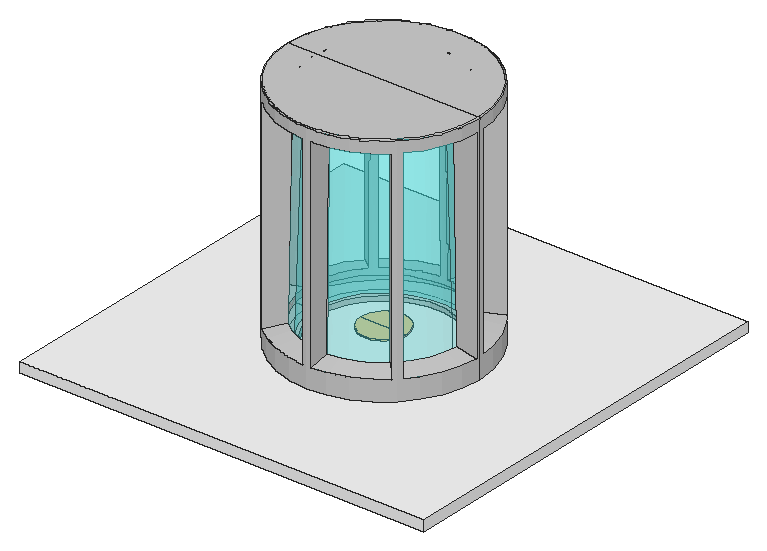
Revit family "BE_84683_de_DE", category Leuchten, Revit 2015
Parameters (values of type "BEGA_84683_Silber_K4")
  built-in parameter 1150104 = 10.208 (stored number, unit not read)
  Wattage = 24.3 W
  Default Elevation = 0 mm
  built-in parameter 1150113 = 1 (stored number, unit not read)
  built-in parameter 1114218 = 1 (stored number, unit not read)
  Umgebungstemperatur = ""
  URL = "http://www.bega.de/produkt/84683"
  Typenkommentare = "© 2016 BEGA. Wir behalten uns das Recht vor, technische Änderungen ohne vorherige Ankündigung vorzunehmen."  # constant formula
  Type Image = 84683.png
  built-in parameter 1150134 = 12
  built-in parameter 1150109 = 1 (stored number, unit not read)
  Strom = ""
  built-in parameter 1150110 = 1 (stored number, unit not read)
  Spannung = 239.996 V
  Sonderanfertigung = no
  Seriennummer [instance] = "Hier können Sie die eindeutige Seriennummer für das Facility Management eintragen."
  Schutzklasse = "I"
  Schutzart = "IP 65"
  Scheinlast = 0 VA
  Produktdatenblatt = "http://www.bega.de/download/Xrfa/db/84683.db.de.pdf"
  Oberflächentemperatur = ""
  Notlicht_Leistung = "3 W"
  Neigungswinkel = 0.00°
  Modell = "84683AK4"
  Material_18 = BEGA_Gummi_schwarz
  Material_17 = BEGA_Reflektor
  Material_15 = BEGA_Leuchtmedium_matt
  Material_11 = BEGA_Glas_opal
  Material_09 = BEGA_Glas_klar
  Material_06 = BEGA_Oberfläche_Edelstahl_gebürstet
  Material_03 = BEGA_Oberfläche_Weiss_matt
  Material_02 = BEGA_Oberfläche_Silber_matt
  Material_01 [instance] = BEGA_Oberfläche_Grafit_matt
  M_W = no
  M_G = no
  M_A = yes
  Logo = 0
  built-in parameter 1114217 = 1 (stored number, unit not read)
  built-in parameter 1150139 = (empty or 0)
  built-in parameter 1150105 = 212.48 (stored number, unit not read)
  built-in parameter 1150114 = 1 (stored number, unit not read)
  Lumens = 2670.08 lm
  built-in parameter 1150115 = 1 (stored number, unit not read)
  Leuchtenlichtstrom = "982 lm"
  Leuchtenanzahl = ""
  Lebensdauerkriterien = "L70 = 50.000 h"
  Lastklassifizierung = Beleuchtung
  built-in parameter 1150112 = 1 (stored number, unit not read)
  Lampenlichtstrom = "2670 lm"
  Lampe = "LED 24.3 W"
  LED_Modulbezeichnung = "LED-0382/840 "
  built-in parameter 1150142 = (empty or 0)
  Hersteller = "BEGA"  # constant formula
  Halbstreuwinkel = ""
  Gewicht = "4.7 kg"
  Gebrauchslageneinschränkung [instance] = ""
  Frequenz = "0/50-60 Hz"
  Farbwiedergabeindex = "Ra > 80"
  Farbtemperaturverschiebung bei Dämpfen der Lampe = <Keine Auswahl>
  Farbtemperatur = "4000 K"
  Color Filter = 16777215
  built-in parameter 1150133 = 10 (stored number, unit not read)
  Energieeffizienzklasse = "LED A++ - A"
  built-in parameter 1150137 = (empty or 0)
  built-in parameter 1150132 = (empty or 0)
  ENEC = ""
  Dimmbar [instance] = "DALI"
  Datei für fotometrisches Netz = "BE_84683K4.IES"
  CE_Konformität = "ja"
  Bestellnummer = "84683AK4"
  Beschreibung_Sonderanfertigung = "Hier können Sie Informationen zur Sonderanfertigung eintragen."
  Beschreibung = "Pollerleuchtenkopf"
  built-in parameter 1150106 = 2.1248 (stored number, unit not read)
  Befestigungsbohrung = ""
  Befestigungsabstand = ""
  Ballwurfsicher = ""
  BEGA_Intern_aus = yes
  BEGA_Intern_an = yes
  BEGA_Intern_Konstruktion = yes
  BEGA_Intern = yes
  BEGA_IES = yes
  BEGA_Dummy = no
  Anschlussleitung = "1.2 m X05BQ-F 5 G 1²"
  Anschlussleistung [instance] = "28.6 W"
  Anschlusskasten = ""
  built-in parameter 1150107 = 4000 (stored number, unit not read)
  built-in parameter 1150102 = (empty or 0)
  built-in parameter 1150138 = (empty or 0)
  Aktualisierung = "2016-11-14T04:14:35"
  Abstand_zur_angestrahlten_Fläche [instance] = ""
  AC/DC = "AC/DC"
Types (4, lengths in mm): name | built-in parameter 1150104 | built-in parameter 1150134 | Modell | M_G | M_A | built-in parameter 1150105 | Lumens | Leuchtenlichtstrom | Lampenlichtstrom | LED_Modulbezeichnung | Farbtemperatur | Datei für fotometrisches Netz | Bestellnummer | built-in parameter 1150106 | built-in parameter 1150107
  BEGA_84683_Silber_K3 | 9.6536 (stored number, unit not read) | (empty or 0) | "84683A" | no | yes | 200.93 (stored number, unit not read) | 2525.01 lm | "929 lm" | "2525 lm" | "LED-0382/830 " | "3000 K" | "BE_84683.IES" | "84683A" | 2.0093 (stored number, unit not read) | 3000 (stored number, unit not read)
  BEGA_84683_Grafit_K3 | 9.6536 (stored number, unit not read) | (empty or 0) | "84683" | yes | no | 200.93 (stored number, unit not read) | 2525.01 lm | "929 lm" | "2525 lm" | "LED-0382/830 " | "3000 K" | "BE_84683.IES" | "84683" | 2.0093 (stored number, unit not read) | 3000 (stored number, unit not read)
  BEGA_84683_Silber_K4 | 10.208 (stored number, unit not read) | 12 | "84683AK4" | no | yes | 212.48 (stored number, unit not read) | 2670.08 lm | "982 lm" | "2670 lm" | "LED-0382/840 " | "4000 K" | "BE_84683K4.IES" | "84683AK4" | 2.1248 (stored number, unit not read) | 4000 (stored number, unit not read)
  BEGA_84683_Grafit_K4 | 10.208 (stored number, unit not read) | 12 | "84683K4" | yes | no | 212.48 (stored number, unit not read) | 2670.08 lm | "982 lm" | "2670 lm" | "LED-0382/840 " | "4000 K" | "BE_84683K4.IES" | "84683K4" | 2.1248 (stored number, unit not read) | 4000 (stored number, unit not read)
Reference planes
  plane 1 "Mitte (Vorne/Hinten)": y = 0
  plane 2: z = 0
  plane 3 "Mitte (Links/Rechts)": x = 0
  plane 4 "Links": x = -95
  plane 5 "Rechts": x = 95
  plane 6 "Unten": y = -95
  plane 7 "Oben": y = 95
  plane 8 "Vorne": z = 232
  plane 9 "Hinten": z = -135.769
Forms (mm)
  Extrusion 1, solid, material "BEGA_Platte_Weiss"
    sketch origin (0, -1119.2, 0) x (1, 0, 0) y (0, 1, 0)
      loop
        line (-200, 1319.2) -> (-200, 919.2) -> (200, 919.2) -> (200, 1319.2) -> (-200, 1319.2)
    from 0 to -10
  Extrusion 2, solid, material "BEGA_Dummy_matt", visible <- "BEGA_Dummy"
    sketch origin (77.149, -76.023, 0) x (1, 0, 0) y (0, 1, 0)
      loop
        circle (-77.149, 76.023) r 95
    from 0 to 232
Dimensions and locks
  plane 1 "Mitte (Vorne/Hinten)" to Extrusion 1 = 200 mm
  aligned and locked: plane 2 to Extrusion 1
  aligned and locked: level to Extrusion 1
Nested families
  nested 1: "BE_84683" at (0, 0, 0), type "BE_84683"
Connectors
  electrical at (0, 0, 0), driven by "Lastklassifizierung", driven by "Spannung", driven by "Scheinlast"
    settings: index 1, voltage 239.996 V, apparent load 0 VA, apparent load phase1 0 VA, apparent load phase2 0 VA, apparent load phase3 0 VA, power factor 1, load classification "Beleuchtung", number of poles 1, system type 31, power factor state 1, is connector primary yes, connector utility no, sub classification motor no, connector description ""
Definition of nested family "BE_84683"
  Parameters (values of type "BE_84683")
    Default Elevation = 1 mm
    URL = "http://www.bega.de/de/produkt"
    Type Comments = "© 2015 BEGA. Wir behalten uns das Recht vor, technische Änderungen ohne vorherige Ankündigung vorzunehmen. "  # constant formula
    Type Image = (empty or 0)
    Material_18 = none
    Material_17 = none
    Material_15 = none
    Material_11 = none
    Material_09 = none
    Material_06 = none
    Material_03 = none
    Material_02 = none
    Material_01 = none
    M_W = yes
    M_G = yes
    M_A = yes
    Länge_Platte = 200 mm  # constant formula
    Höhe_Platte = -10 mm  # constant formula
    Manufacturer = "BEGA"  # constant formula
    Breite_Platte = 200 mm  # constant formula
  Reference planes
    plane 1 "Mitte (Oben/Unten)": y = 0
    plane 2: z = 0
    plane 3 "Mitte (Links/Rechts)": x = 0
    plane 4: x = -95
    plane 5: z = 232
    plane 6: x = 95
    plane 7: z = -135.769
    plane 8: y = -95
    plane 9: y = 95
  Forms (mm)
    Extrusion 1, solid, detail levels medium
      sketch origin (0, 0, 0) x (1, 0, 0) y (0, 1, 0)
        loop
          line (-100, 100) -> (-100, -100) -> (100, -100) -> (100, 100) -> (-100, 100)
      from 0 to -10 <- "Höhe_Platte"
    Revolve 2, solid, material <- "Material_01", visible <- "M_G", detail levels medium+fine
      sketch origin (0, 0, 0) x (1, 0, 0) y (0, 0, 1)
        loop
          line (-92.2, 0) -> (-91.589, 17.5) -> (-75.024, 17.5) -> (-71.365, 226.627)
          arc (-71.365, 226.627) -> (-70.637, 227.621) -> (-69.466, 228) r 2
          line (-69.466, 228) -> (0, 228) -> (0, 232) -> (-94, 232)
          arc (-94, 232) -> (-94.707, 231.707) -> (-95, 231) r 1
          line (-95, 231) -> (-95, 0) -> (-92.2, 0)
        axis (0, 232) -> (0, 0)
      angle from 0 to 360
    Revolve 3, void
      sketch origin (0, 0, 0) x (1, 0, 0) y (0, 0, 1)
        loop
          line (62.654, 214.296) -> (62.654, 25.704) -> (98.435, 19.394) -> (98.435, 220.606) -> (62.654, 214.296)
        axis (0, 220.606) -> (0, 19.394)
      angle from 2.5 to 42.5
    Revolve 4, void
      sketch origin (0, 0, 0) x (0.707107, -0.707107, 0) y (0, 0, 1)
        loop
          line (62.654, 214.296) -> (62.654, 25.704) -> (98.435, 19.394) -> (98.435, 220.606) -> (62.654, 214.296)
        axis (0, 220.606) -> (0, 19.394)
      angle from 2.5 to 42.5
    Revolve 5, void
      sketch origin (0, 0, 0) x (0.707107, 0.707107, 0) y (0, 0, 1)
        loop
          line (62.654, 214.296) -> (62.654, 25.704) -> (98.435, 19.394) -> (98.435, 220.606) -> (62.654, 214.296)
        axis (0, 220.606) -> (0, 19.394)
      angle from 2.5 to 42.5
    Revolve 6, void
      sketch origin (0, 0, 0) x (0, 1, 0) y (0, 0, 1)
        loop
          line (62.654, 214.296) -> (62.654, 25.704) -> (98.435, 19.394) -> (98.435, 220.606) -> (62.654, 214.296)
        axis (0, 220.606) -> (0, 19.394)
      angle from 2.5 to 42.5
    Revolve 7, void
      sketch origin (0, 0, 0) x (-0.707107, 0.707107, 0) y (0, 0, 1)
        loop
          line (62.654, 214.296) -> (62.654, 25.704) -> (98.435, 19.394) -> (98.435, 220.606) -> (62.654, 214.296)
        axis (0, 220.606) -> (0, 19.394)
      angle from 2.5 to 42.5
    Revolve 8, void
      sketch origin (0, 0, 0) x (-1, 0, 0) y (0, 0, 1)
        loop
          line (62.654, 214.296) -> (62.654, 25.704) -> (98.435, 19.394) -> (98.435, 220.606) -> (62.654, 214.296)
        axis (0, 220.606) -> (0, 19.394)
      angle from 2.5 to 42.5
    Revolve 9, void
      sketch origin (0, 0, 0) x (-0.707107, -0.707107, 0) y (0, 0, 1)
        loop
          line (62.654, 214.296) -> (62.654, 25.704) -> (98.435, 19.394) -> (98.435, 220.606) -> (62.654, 214.296)
        axis (0, 220.606) -> (0, 19.394)
      angle from 2.5 to 42.5
    Revolve 10, void
      sketch origin (0, 0, 0) x (0, -1, 0) y (0, 0, 1)
        loop
          line (62.654, 214.296) -> (62.654, 25.704) -> (98.435, 19.394) -> (98.435, 220.606) -> (62.654, 214.296)
        axis (0, 220.606) -> (0, 19.394)
      angle from 2.5 to 42.5
    Revolve 11, solid, material <- "Material_01", visible <- "M_G", detail levels medium+fine
      sketch origin (0, 0, 0) x (1, 0, 0) y (0, 0, 1)
        loop
          line (-91.36, 4) -> (-91.364, 0.1) -> (-88.679, 0.1) -> (-87.258, -8) -> (-82.5, -8) -> (-82.5, -27.641) -> (-85.4, -30.541) -> (-85.4, -33) -> (-67.894, -33) -> (-67.555, -42.729) -> (-63.367, -45) -> (-43.297, -45) -> (-43, -53.5) -> (0, -53.5) -> (0, -34) -> (-64.198, -34) -> (-65.525, 4) -> (-91.36, 4)
        axis (0, -53.5) -> (0, 4)
      angle from 0 to 360
    Revolve 12, solid, material <- "Material_01", visible <- "M_G", detail levels medium+fine
      sketch origin (0, 0, 0) x (1, 0, 0) y (0, 0, 1)
        loop
          line (-43, -57.5) -> (-29.3, -57.5) -> (-28.596, -97.844)
          arc (-28.596, -97.844) -> (-27.848, -99.583) -> (-26.096, -100.3) r 2.5
          line (-26.096, -100.3) -> (-13.587, -100.3) -> (-13.5, -105.3) -> (0, -105.3) -> (0, -98.581) -> (-24.749, -98.5)
          arc (-24.749, -98.5) -> (-26.151, -97.926) -> (-26.749, -96.535) r 2
          line (-26.749, -96.535) -> (-27.5, -53.5) -> (-43.07, -53.5) -> (-43, -57.5)
        axis (0, -105.3) -> (0, -53.5)
      angle from 0 to 360
    Revolve 13, solid, material <- "Material_01", detail levels medium+fine
      sketch origin (0, 0, 0) x (1, 0, 0) y (0, 0, 1)
        loop
          line (-11.23, -105.3) -> (-11.23, -106.5) -> (-13.485, -106.5) -> (-13.485, -110.2) -> (-12.298, -110.2) -> (-12.298, -111.5) -> (-9.212, -111.5) -> (-9.212, -117.669) -> (-13.867, -117.669) -> (-13.867, -128.501) -> (-11.6, -129.669) -> (-11.6, -130.769)
          arc (-11.6, -130.769) -> (-10.136, -134.304) -> (-6.6, -135.769) r 5
          line (-6.6, -135.769) -> (0, -135.769) -> (0, -105.3) -> (-11.23, -105.3)
        axis (0, -105.3) -> (0, -135.769)
      angle from 0 to 360
    Revolve 14, solid, material <- "Material_09", detail levels medium+fine
      sketch origin (0, 0, 0) x (1, 0, 0) y (0, 0, 1)
        loop
          line (62.536, 205.666) -> (68.874, 3.974) -> (74.772, 3.974) -> (69.79, 223.542)
          arc (69.79, 223.542) -> (68.887, 225.62) -> (66.79, 226.474) r 3
          line (66.79, 226.474) -> (0, 226.474) -> (0, 211.474) -> (56.544, 211.474)
          arc (56.544, 211.474) -> (60.715, 209.783) -> (62.536, 205.666) r 6
        axis (0, 226.474) -> (0, 3.974)
      angle from 0 to 360
    Revolve 15, solid, material <- "Material_02", visible <- "M_A", detail levels medium+fine
      sketch origin (0, 0, 0) x (1, 0, 0) y (0, 0, 1)
        loop
          line (-91.36, 4) -> (-91.364, 0.1) -> (-88.679, 0.1) -> (-87.258, -8) -> (-82.5, -8) -> (-82.5, -27.641) -> (-85.4, -30.541) -> (-85.4, -33) -> (-67.894, -33) -> (-67.555, -42.729) -> (-63.367, -45) -> (-43.297, -45) -> (-43, -53.5) -> (0, -53.5) -> (0, -34) -> (-64.198, -34) -> (-65.525, 4) -> (-91.36, 4)
        axis (0, -53.5) -> (0, 4)
      angle from 0 to 360
    Revolve 16, solid, material <- "Material_02", visible <- "M_A", detail levels medium+fine
      sketch origin (0, 0, 0) x (1, 0, 0) y (0, 0, 1)
        loop
          line (-43, -57.5) -> (-29.3, -57.5) -> (-28.596, -97.844)
          arc (-28.596, -97.844) -> (-27.848, -99.583) -> (-26.096, -100.3) r 2.5
          line (-26.096, -100.3) -> (-13.587, -100.3) -> (-13.5, -105.3) -> (0, -105.3) -> (0, -98.581) -> (-24.749, -98.5)
          arc (-24.749, -98.5) -> (-26.151, -97.926) -> (-26.749, -96.535) r 2
          line (-26.749, -96.535) -> (-27.5, -53.5) -> (-43.07, -53.5) -> (-43, -57.5)
        axis (0, -105.3) -> (0, -53.5)
      angle from 0 to 360
    Revolve 17, solid, material <- "Material_02", visible <- "M_A", detail levels medium+fine
      sketch origin (0, 0, 0) x (1, 0, 0) y (0, 0, 1)
        loop
          line (-92.2, 0) -> (-91.589, 17.5) -> (-75.024, 17.5) -> (-71.365, 226.627)
          arc (-71.365, 226.627) -> (-70.637, 227.621) -> (-69.466, 228) r 2
          line (-69.466, 228) -> (0, 228) -> (0, 232) -> (-94, 232)
          arc (-94, 232) -> (-94.707, 231.707) -> (-95, 231) r 1
          line (-95, 231) -> (-95, 0) -> (-92.2, 0)
        axis (0, 232) -> (0, 0)
      angle from 0 to 360
    Revolve 18, solid, material <- "Material_15", detail levels medium+fine
      sketch origin (0, 0, 0) x (1, 0, 0) y (0, 0, 1)
        loop
          line (-22.736, 14.4) -> (-22.736, 13.564) -> (0, 13.564) -> (0, 14.4) -> (-22.736, 14.4)
        axis (0, 14.4) -> (0, 13.4)
      angle from 0 to 360
  Cuts and joins
    Revolve 3, Revolve 4, Revolve 5, Revolve 6, Revolve 7, Revolve 8, Revolve 9, Revolve 10 cuts Revolve 2
    Revolve 3, Revolve 4, Revolve 5, Revolve 6, Revolve 7, Revolve 8, Revolve 9, Revolve 10 cuts Revolve 17
  Dimensions and locks
    equal spacing: Extrusion 1 sketch curve, plane 3 "Mitte (Links/Rechts)", Extrusion 1 sketch curve
    equal spacing: Extrusion 1 sketch curve, plane 1 "Mitte (Oben/Unten)", Extrusion 1 sketch curve
    "Länge_Platte": Extrusion 1 sketch curve to Extrusion 1 sketch curve
    "Breite_Platte": Extrusion 1 sketch curve to Extrusion 1 sketch curve
    aligned and locked: Extrusion 1 to plane 2
    aligned and locked: level to Extrusion 1
  Automatic sketch dimensions
    Revolve 2 sketch curve to level = 0 mm
    Revolve 2 sketch curve to plane 3 "Mitte (Links/Rechts)" = 0 mm  (x2)
    Revolve 2 sketch curve to plane 3 "Mitte (Links/Rechts)" = 69.466 mm
    Revolve 2 sketch curve to Revolve 2 sketch curve = 1.899 mm
    Revolve 2 sketch curve to plane 3 "Mitte (Links/Rechts)" = 91.589 mm
    Revolve 2 sketch curve to Revolve 2 sketch curve = 0.611 mm
    Revolve 2 sketch curve to Revolve 2 sketch curve = 22.635 mm
    Revolve 2 sketch curve to Revolve 2 sketch curve = 1 mm
    Revolve 2 sketch curve to Revolve 2 sketch curve = 208.5 mm
    Revolve 2 sketch curve to Revolve 2 sketch curve = 0.627 mm
    Revolve 2 sketch curve to Revolve 2 sketch curve = 0 mm  (x5)
    Revolve 2 sketch curve to Revolve 2 sketch curve = 4.373 mm
    level to Revolve 2 sketch curve = 17.5 mm
    Revolve 2 sketch curve to Revolve 2 sketch curve = 16.565 mm
    Revolve 3 sketch curve to Revolve 3 sketch curve = 35.782 mm
    Revolve 3 sketch curve to Revolve 3 sketch curve = 188.593 mm
    Revolve 3 sketch curve to Revolve 3 sketch curve = 6.309 mm  (x2)
    Revolve 3 sketch curve to Revolve 3 sketch curve = 84.296 mm
    Revolve 3 sketch curve to Revolve 3 sketch curve = 35 mm
    Revolve 3 sketch curve to Revolve 3 sketch curve = 62.654 mm
    Revolve 4 sketch curve to Revolve 4 sketch curve = 35.782 mm
    Revolve 4 sketch curve to Revolve 4 sketch curve = 188.593 mm
    Revolve 4 sketch curve to Revolve 4 sketch curve = 6.309 mm  (x2)
    Revolve 4 sketch curve to Revolve 4 sketch curve = 84.296 mm
    Revolve 4 sketch curve to Revolve 4 sketch curve = 35 mm
    Revolve 4 sketch curve to Revolve 4 sketch curve = 62.654 mm
    Revolve 5 sketch curve to Revolve 5 sketch curve = 35.782 mm
    Revolve 5 sketch curve to Revolve 5 sketch curve = 188.593 mm
    Revolve 5 sketch curve to Revolve 5 sketch curve = 6.309 mm  (x2)
    Revolve 5 sketch curve to Revolve 5 sketch curve = 84.296 mm
    Revolve 5 sketch curve to Revolve 5 sketch curve = 35 mm
    Revolve 5 sketch curve to Revolve 5 sketch curve = 62.654 mm
    Revolve 6 sketch curve to Revolve 6 sketch curve = 35.782 mm
    Revolve 6 sketch curve to Revolve 6 sketch curve = 188.593 mm
    Revolve 6 sketch curve to Revolve 6 sketch curve = 6.309 mm  (x2)
    Revolve 6 sketch curve to Revolve 6 sketch curve = 84.296 mm
    Revolve 6 sketch curve to Revolve 6 sketch curve = 35 mm
    Revolve 6 sketch curve to Revolve 6 sketch curve = 62.654 mm
    Revolve 7 sketch curve to Revolve 7 sketch curve = 35.782 mm
    Revolve 7 sketch curve to Revolve 7 sketch curve = 188.593 mm
    Revolve 7 sketch curve to Revolve 7 sketch curve = 6.309 mm  (x2)
    Revolve 7 sketch curve to Revolve 7 sketch curve = 84.296 mm
    Revolve 7 sketch curve to Revolve 7 sketch curve = 35 mm
    Revolve 7 sketch curve to Revolve 7 sketch curve = 62.654 mm
    Revolve 8 sketch curve to Revolve 8 sketch curve = 35.782 mm
    Revolve 8 sketch curve to Revolve 8 sketch curve = 188.593 mm
    Revolve 8 sketch curve to Revolve 8 sketch curve = 6.309 mm  (x2)
    Revolve 8 sketch curve to Revolve 8 sketch curve = 84.296 mm
    Revolve 8 sketch curve to Revolve 8 sketch curve = 35 mm
    Revolve 8 sketch curve to Revolve 8 sketch curve = 62.654 mm
    Revolve 9 sketch curve to Revolve 9 sketch curve = 35.782 mm
    Revolve 9 sketch curve to Revolve 9 sketch curve = 188.593 mm
    Revolve 9 sketch curve to Revolve 9 sketch curve = 6.309 mm  (x2)
    Revolve 9 sketch curve to Revolve 9 sketch curve = 84.296 mm
    Revolve 9 sketch curve to Revolve 9 sketch curve = 35 mm
    Revolve 9 sketch curve to Revolve 9 sketch curve = 62.654 mm
    Revolve 10 sketch curve to Revolve 10 sketch curve = 35.782 mm
    Revolve 10 sketch curve to Revolve 10 sketch curve = 188.593 mm
    Revolve 10 sketch curve to Revolve 10 sketch curve = 6.309 mm  (x2)
    Revolve 10 sketch curve to Revolve 10 sketch curve = 84.296 mm
    Revolve 10 sketch curve to Revolve 10 sketch curve = 35 mm
    Revolve 10 sketch curve to Revolve 10 sketch curve = 62.654 mm
    Revolve 3 sketch curve to plane 3 "Mitte (Links/Rechts)" = 0 mm
    level to Revolve 3 sketch curve = 19.394 mm
    level to Revolve 4 sketch curve = 25.704 mm
    level to Revolve 5 sketch curve = 25.704 mm
    Revolve 6 sketch curve to plane 1 "Mitte (Oben/Unten)" = 0 mm
    level to Revolve 6 sketch curve = 19.394 mm
    level to Revolve 7 sketch curve = 25.704 mm
    Revolve 8 sketch curve to plane 3 "Mitte (Links/Rechts)" = 0 mm
    level to Revolve 8 sketch curve = 19.394 mm
    level to Revolve 9 sketch curve = 25.704 mm
    Revolve 10 sketch curve to plane 1 "Mitte (Oben/Unten)" = 0 mm
    level to Revolve 10 sketch curve = 19.394 mm
    Revolve 11 sketch curve to plane 3 "Mitte (Links/Rechts)" = 0 mm  (x2)
    Revolve 11 sketch curve to plane 3 "Mitte (Links/Rechts)" = 43 mm
    Revolve 11 sketch curve to Revolve 11 sketch curve = 0.297 mm
    Revolve 11 sketch curve to Revolve 11 sketch curve = 20.07 mm
    level to Revolve 11 sketch curve = 4 mm
    Revolve 11 sketch curve to Revolve 11 sketch curve = 2.159 mm
    Revolve 11 sketch curve to Revolve 11 sketch curve = 4.188 mm
    Revolve 11 sketch curve to level = 33 mm
    Revolve 11 sketch curve to Revolve 11 sketch curve = 0.34 mm
    Revolve 11 sketch curve to Revolve 11 sketch curve = 14.606 mm
    Revolve 11 sketch curve to Revolve 11 sketch curve = 2.9 mm  (x2)
    Revolve 11 sketch curve to Revolve 11 sketch curve = 4.758 mm
    level to Revolve 11 sketch curve = 0.1 mm
    Revolve 11 sketch curve to Revolve 11 sketch curve = 1.421 mm
    Revolve 11 sketch curve to Revolve 11 sketch curve = 2.681 mm
    Revolve 11 sketch curve to Revolve 11 sketch curve = 2.685 mm
    Revolve 11 sketch curve to level = 34 mm
    Revolve 11 sketch curve to Revolve 11 sketch curve = 8.729 mm
    Revolve 11 sketch curve to Revolve 11 sketch curve = 11 mm
    Revolve 11 sketch curve to Revolve 11 sketch curve = 2.271 mm
    Revolve 11 sketch curve to Revolve 11 sketch curve = 19.5 mm
    Revolve 11 sketch curve to Revolve 11 sketch curve = 2.459 mm
    Revolve 11 sketch curve to level = 8 mm
    Revolve 11 sketch curve to Revolve 11 sketch curve = 3.696 mm
    Revolve 11 sketch curve to Revolve 11 sketch curve = 5 mm
    Revolve 11 sketch curve to level = 14 mm
    Revolve 12 sketch curve to plane 3 "Mitte (Links/Rechts)" = 0 mm  (x2)
    Revolve 12 sketch curve to plane 3 "Mitte (Links/Rechts)" = 13.5 mm
    Revolve 12 sketch curve to Revolve 12 sketch curve = 0.087 mm
    Revolve 12 sketch curve to Revolve 12 sketch curve = 11.162 mm
    Revolve 12 sketch curve to Revolve 12 sketch curve = 0 mm  (x7)
    Revolve 12 sketch curve to Revolve 12 sketch curve = 1.347 mm  (x2)
    Revolve 12 sketch curve to plane 3 "Mitte (Links/Rechts)" = 27.5 mm
    Revolve 12 sketch curve to Revolve 12 sketch curve = 1.8 mm  (x2)
    Revolve 12 sketch curve to Revolve 12 sketch curve = 13.7 mm
    Revolve 12 sketch curve to Revolve 12 sketch curve = 0.07 mm
    Revolve 12 sketch curve to level = 105.3 mm
    Revolve 12 sketch curve to Revolve 12 sketch curve = 5 mm
    Revolve 12 sketch curve to Revolve 12 sketch curve = 6.719 mm
    Revolve 12 sketch curve to Revolve 12 sketch curve = 0.7 mm
    Revolve 12 sketch curve to Revolve 12 sketch curve = 1.3 mm
    Revolve 12 sketch curve to Revolve 12 sketch curve = 39 mm
    Revolve 12 sketch curve to Revolve 12 sketch curve = 4 mm
    Revolve 12 sketch curve to Revolve 12 sketch curve = 0.653 mm
    Revolve 12 sketch curve to Revolve 12 sketch curve = 1.847 mm
    Revolve 12 sketch curve to Revolve 12 sketch curve = 2.513 mm
    Revolve 12 sketch curve to Revolve 12 sketch curve = 7.01 mm
    Revolve 13 sketch curve to plane 3 "Mitte (Links/Rechts)" = 0 mm  (x2)
    Revolve 13 sketch curve to plane 3 "Mitte (Links/Rechts)" = 6.6 mm
    Revolve 13 sketch curve to plane 3 "Mitte (Links/Rechts)" = 9.212 mm
    Revolve 13 sketch curve to Revolve 13 sketch curve = 2.017 mm
    Revolve 13 sketch curve to Revolve 13 sketch curve = 5 mm
    Revolve 13 sketch curve to Revolve 13 sketch curve = 3.085 mm
    Revolve 13 sketch curve to Revolve 13 sketch curve = 2.255 mm
    Revolve 13 sketch curve to Revolve 13 sketch curve = 4.655 mm
    Revolve 13 sketch curve to level = 135.769 mm
    Revolve 13 sketch curve to Revolve 13 sketch curve = 1.1 mm
    Revolve 13 sketch curve to Revolve 13 sketch curve = 1.168 mm
    Revolve 13 sketch curve to Revolve 13 sketch curve = 10.832 mm
    Revolve 13 sketch curve to Revolve 13 sketch curve = 6.169 mm
    Revolve 13 sketch curve to Revolve 13 sketch curve = 1.3 mm
    Revolve 13 sketch curve to Revolve 13 sketch curve = 3.7 mm
    Revolve 13 sketch curve to Revolve 13 sketch curve = 1.2 mm
    Revolve 13 sketch curve to Revolve 13 sketch curve = 0.127 mm
    Revolve 13 sketch curve to Revolve 13 sketch curve = 0 mm
    Revolve 14 sketch curve to plane 3 "Mitte (Links/Rechts)" = 0 mm  (x2)
    plane 3 "Mitte (Links/Rechts)" to Revolve 14 sketch curve = 56.539 mm
    Revolve 14 sketch curve to Revolve 14 sketch curve = 0.005 mm
    Revolve 14 sketch curve to Revolve 14 sketch curve = 5.997 mm
    Revolve 14 sketch curve to Revolve 14 sketch curve = 10.247 mm
    level to Revolve 14 sketch curve = 3.974 mm
    plane 3 "Mitte (Links/Rechts)" to Revolve 14 sketch curve = 68.874 mm
    Revolve 14 sketch curve to Revolve 14 sketch curve = 5.898 mm
    Revolve 14 sketch curve to Revolve 14 sketch curve = 201.5 mm
    Revolve 14 sketch curve to Revolve 14 sketch curve = 0.192 mm
    Revolve 14 sketch curve to Revolve 14 sketch curve = 12 mm
    Revolve 14 sketch curve to Revolve 14 sketch curve = 15 mm
    Revolve 14 sketch curve to Revolve 14 sketch curve = 0 mm  (x4)
    Revolve 14 sketch curve to Revolve 14 sketch curve = 2.999 mm
    Revolve 14 sketch curve to Revolve 14 sketch curve = 60 mm
    Revolve 14 sketch curve to Revolve 14 sketch curve = 30 mm
    Revolve 14 sketch curve to Revolve 14 sketch curve = 0.068 mm
    Revolve 15 sketch curve to plane 3 "Mitte (Links/Rechts)" = 0 mm  (x2)
    Revolve 15 sketch curve to plane 3 "Mitte (Links/Rechts)" = 43 mm
    Revolve 15 sketch curve to Revolve 15 sketch curve = 0.297 mm
    Revolve 15 sketch curve to Revolve 15 sketch curve = 20.07 mm
    Revolve 15 sketch curve to Revolve 15 sketch curve = 0.832 mm
    level to Revolve 15 sketch curve = 4 mm
    Revolve 15 sketch curve to Revolve 15 sketch curve = 1.327 mm
    Revolve 15 sketch curve to Revolve 15 sketch curve = 4.188 mm
    Revolve 15 sketch curve to level = 33 mm
    Revolve 15 sketch curve to Revolve 15 sketch curve = 3.696 mm
    Revolve 15 sketch curve to Revolve 15 sketch curve = 14.606 mm
    Revolve 15 sketch curve to Revolve 15 sketch curve = 2.9 mm  (x2)
    Revolve 15 sketch curve to Revolve 15 sketch curve = 4.758 mm
    level to Revolve 15 sketch curve = 0.1 mm
    Revolve 15 sketch curve to Revolve 15 sketch curve = 1.421 mm
    Revolve 15 sketch curve to Revolve 15 sketch curve = 2.681 mm
    Revolve 15 sketch curve to Revolve 15 sketch curve = 2.685 mm
    Revolve 15 sketch curve to level = 34 mm
    Revolve 15 sketch curve to Revolve 15 sketch curve = 8.729 mm
    Revolve 15 sketch curve to Revolve 15 sketch curve = 11 mm
    Revolve 15 sketch curve to Revolve 15 sketch curve = 2.271 mm
    Revolve 15 sketch curve to Revolve 15 sketch curve = 19.5 mm
    Revolve 15 sketch curve to Revolve 15 sketch curve = 2.459 mm
    Revolve 15 sketch curve to level = 8 mm
    Revolve 15 sketch curve to Revolve 15 sketch curve = 5 mm
    Revolve 15 sketch curve to level = 14 mm
    Revolve 16 sketch curve to plane 3 "Mitte (Links/Rechts)" = 0 mm  (x2)
    Revolve 16 sketch curve to plane 3 "Mitte (Links/Rechts)" = 13.5 mm
    Revolve 16 sketch curve to Revolve 16 sketch curve = 0.087 mm
    Revolve 16 sketch curve to Revolve 16 sketch curve = 11.162 mm
    Revolve 16 sketch curve to Revolve 16 sketch curve = 0 mm  (x7)
    Revolve 16 sketch curve to Revolve 16 sketch curve = 1.347 mm  (x2)
    Revolve 16 sketch curve to plane 3 "Mitte (Links/Rechts)" = 27.5 mm
    Revolve 16 sketch curve to Revolve 16 sketch curve = 1.8 mm  (x2)
    Revolve 16 sketch curve to Revolve 16 sketch curve = 13.7 mm
    Revolve 16 sketch curve to Revolve 16 sketch curve = 0.07 mm
    Revolve 16 sketch curve to level = 105.3 mm
    Revolve 16 sketch curve to Revolve 16 sketch curve = 5 mm
    Revolve 16 sketch curve to Revolve 16 sketch curve = 6.719 mm
    Revolve 16 sketch curve to Revolve 16 sketch curve = 0.7 mm
    Revolve 16 sketch curve to Revolve 16 sketch curve = 1.3 mm
    Revolve 16 sketch curve to Revolve 16 sketch curve = 39 mm
    Revolve 16 sketch curve to Revolve 16 sketch curve = 4 mm
    Revolve 16 sketch curve to Revolve 16 sketch curve = 0.653 mm
    Revolve 16 sketch curve to Revolve 16 sketch curve = 1.847 mm
    Revolve 16 sketch curve to Revolve 16 sketch curve = 2.513 mm
    Revolve 16 sketch curve to Revolve 16 sketch curve = 7.01 mm
    Revolve 17 sketch curve to level = 0 mm
    Revolve 17 sketch curve to plane 3 "Mitte (Links/Rechts)" = 0 mm  (x2)
    Revolve 17 sketch curve to plane 3 "Mitte (Links/Rechts)" = 69.466 mm
    Revolve 17 sketch curve to Revolve 17 sketch curve = 1.899 mm
    level to Revolve 17 sketch curve = 17.5 mm
    Revolve 17 sketch curve to plane 3 "Mitte (Links/Rechts)" = 75.024 mm
    Revolve 17 sketch curve to Revolve 17 sketch curve = 16.565 mm
    Revolve 17 sketch curve to Revolve 17 sketch curve = 0.611 mm
    Revolve 17 sketch curve to Revolve 17 sketch curve = 22.635 mm
    Revolve 17 sketch curve to Revolve 17 sketch curve = 1 mm
    Revolve 17 sketch curve to Revolve 17 sketch curve = 208.5 mm
    Revolve 17 sketch curve to Revolve 17 sketch curve = 0.627 mm
    Revolve 17 sketch curve to Revolve 17 sketch curve = 0 mm  (x5)
    Revolve 17 sketch curve to Revolve 17 sketch curve = 4.373 mm
    Revolve 18 sketch curve to plane 3 "Mitte (Links/Rechts)" = 0 mm  (x2)
    Revolve 18 sketch curve to Revolve 18 sketch curve = 22.736 mm
    level to Revolve 18 sketch curve = 13.564 mm
    Revolve 18 sketch curve to Revolve 18 sketch curve = 0.836 mm
    Revolve 18 sketch curve to Revolve 18 sketch curve = 0 mm  (x2)
